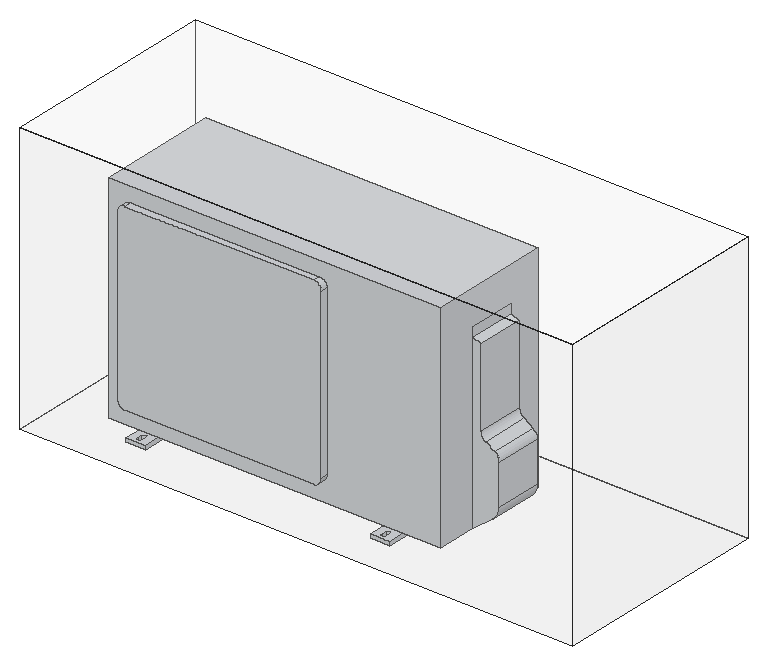
Revit family "mucz-g22_5625_50hz", category 機械設備, Revit 2019
Family settings
  丸型コネクタ寸法 = 直径を使用
  パーツ タイプ = 標準
  OmniClass 番号 = 23.75.10.24.21.27.27
  OmniClass タイトル = Split System Air Conditioning Units
  作業面ベース = いいえ
  常に垂直 = はい
  ロード時にボイドで切り取り = いいえ
  共有 = いいえ
  部屋計算ポイント = いいえ
Parameters (values of type "室外機_MUCZ-G2225")
  風量 = MAX風量  # 1370.0 m³/h
  音響パワーレベル(dB) = if([運転音(強冷房)  db] > [運転音(強暖房)  db], [運転音(強冷房)  db], [運転音(強暖房)  db])  # 59
  電源種別 = ""
  電圧 = 100 V
  電動機出力_送風機 = 22 W
  電動機出力_圧縮機 = 600 W
  運転音(強暖房)  db = 59
  運転音(強冷房)  db = 59
  運転質量 = 0.00 kg
  運転方法 = "冷暖切替"
  質量 = if(製品質量 > 運転質量, 製品質量, 運転質量) * 1.2  # 22.80 kg
  負荷分類 = 1_熱源類
  説明 = "ルームエアコン(霧ヶ峰) GVシリーズ 室外ユニット"
  設計暖房能力 [instance] = 0 kW
  設計冷房能力_顕熱 [instance] = 0 kW
  設計冷房能力 [instance] = 0 kW
  設置方法 = "床置形"
  記号 [instance] = ""
  製造元 = "三菱電機株式会社"
  製品質量 = 19.00 kg
  製品出荷対象 = "国内"
  製品リリース年月 = "-"
  製品グループ = ""
  系統 [instance] = ""
  符号 = "ACR"
  積算_科目 = "1 空気調和設備"
  積算_拾い区分 [instance] = ""
  相 = 1
  盤記号 [instance] = ""
  発停方法 = "付属スイッチ"
  特殊仕様 [instance] = ""
  法定耐用年数 = "6"
  構成品番 = ""
  極数 = 1
  材質 = ""
  本体マテリアル = none
  最大電流値 = 0 A
  暖房能力 = 2.2 kW
  暖房 風量 = 1265.0 m³/h
  推奨ブレーカー容量 = 0 A
  形式 = "パッケージ形 屋外機"
  形名 = MUCZ-G22* : MUCZ-G22*
  幹線記号 = ""
  始動方式 = "直入"
  呼称 = "パッケージ形空気調和機_室外機"
  周波数 = 50 Hz
  冷房 風量 = 1370.0 m³/h
  冷媒　位置Z = 128.5 mm
  冷媒　位置Y = 136 mm
  冷媒　位置X = 361.5 mm
  価格 = 0
  参照している仕様書等のバージョン = "公共建築物標準仕様書（機械設備工事編）平成31年度版"
  分類コード = "50053004206100"
  分類グループ = ""
  冷房能力 = 2.2 kW
  冷媒管径符号 = "Ab"
  冷媒管径 = 100.00 mm
  冷媒液管径 = 6.35 mm
  冷媒ガス管径 = 9.52 mm
  企業コード = "108420"
  付属品 = ""
  仕様書バージョン = "Version1.0"
  モデル = "MUCZ-G2225"
  ドレン穴径 = 42.00 mm
  ドレン　位置Z = 23.5 mm
  ドレン　位置Y = 44 mm
  ドレン　位置X = 0 mm
  サービススペース = yes
  コメント [instance] = ""
  ケーブル種類1 = ""
  【値が 0 の項目は組合せ形名にてご確認ください】 = ""
  Width = 679 mm
  Version = ""
  Uniclass2015Version = "Systems v1.9"
  Uniclass2015Title = "Split coil remote air cooled condensing units"
  Uniclass2015Code = "Pr_70_65_03_84"
  URL = "https://www.mitsubishielectric.co.jp/ldg/wink/"
  SpecificationReference = ""
  SpecificationDescription = ""
  Revision = ""
  ProductInformation = ""
  OmniClassCode = "23-33 17 13 11"
  MAX風量 = if(冷房 風量 > 暖房 風量, 冷房 風量, 暖房 風量)  # 1370.0 m³/h
  IfcTypeProduct = ""
  IfcProduct = ""
  IfcExportType = "AIRCONDITIONINGUNIT"
  IfcExportAs = "IfcUnitaryEquipmentType"
  Height = 453 mm
  Depth = 249 mm
  Clearance Top = 100 mm
  Clearance Right = 350 mm
  Clearance Left = 100 mm
  Clearance Front = 100 mm
  Clearance Bottom = 0 mm
  Clearance Back = 100 mm
  COP_暖房 = 4.68
  COP_冷房 = 3.36
  COP = (COP_冷房 + COP_暖房) / 2  # 4.02
  Author = "三菱電機株式会社"
  APF = 0
Types (19, lengths in mm): name | 風量 | 音響パワーレベル(dB) | 電圧 | 電動機出力_送風機 | 電動機出力_圧縮機 | 運転音(強暖房)  db | 運転音(強冷房)  db | 質量 | 製品質量 | 暖房能力 | 暖房 風量 | 形名 | 冷房 風量 | 冷媒　位置Z | 冷媒　位置Y | 冷媒　位置X | 冷房能力 | モデル | ドレン穴径 | ドレン　位置Z | ドレン　位置Y | Width | MAX風量 | Height | Depth | Clearance Front | COP_暖房 | COP_冷房 | COP
  (no name) | 1370.0 m³/h | 59 | 100 V | 22 W | 600 W | 59 | 59 | 22.80 kg | 19.00 kg | 2.2 kW | 1265.0 m³/h | MUCZ-G22* : MUCZ-G22* | 1370.0 m³/h | 128.5 | 136 | 361.5 | 2.2 kW | "MUCZ-G2225" | 42.00 | 23.5 | 44 | 679 | 1370.0 m³/h | 453 | 249 | 100 | 4.68 | 3.36 | 4.02
  室外機_MUCZ-G2225 | 1370.0 m³/h | 59 | 100 V | 22 W | 600 W | 59 | 59 | 22.80 kg | 19.00 kg | 2.2 kW | 1265.0 m³/h | MUCZ-G22* : MUCZ-G22* | 1370.0 m³/h | 128.5 | 136 | 361.5 | 2.2 kW | "MUCZ-G2225" | 42.00 | 23.5 | 44 | 679 | 1370.0 m³/h | 453 | 249 | 100 | 4.68 | 3.36 | 4.02
  室外機_MUCZ-G2525 | 1690.0 m³/h | 61 | 100 V | 22 W | 650 W | 60 | 61 | 22.80 kg | 19.00 kg | 2.8 kW | 1490.0 m³/h | MUCZ-G25_28* : MUCZ-G25_28* | 1690.0 m³/h | 128.5 | 136 | 361.5 | 2.5 kW | "MUCZ-G2525" | 42.00 | 23.5 | 44 | 679 | 1690.0 m³/h | 453 | 249 | 100 | 4.48 | 3.36 | 3.92
  室外機_MUCZ-G2825 | 1710.0 m³/h | 65 | 100 V | 22 W | 750 W | 65 | 62 | 24.00 kg | 20.00 kg | 3.6 kW | 1600.0 m³/h | MUCZ-G25_28* : MUCZ-G25_28* | 1710.0 m³/h | 128.5 | 136 | 361.5 | 2.8 kW | "MUCZ-G2825" | 42.00 | 23.5 | 44 | 679 | 1710.0 m³/h | 453 | 249 | 100 | 3.96 | 3.5 | 3.73
  室外機_MUCZ-G3625 | 2110.0 m³/h | 64 | 100 V | 22 W | 950 W | 64 | 61 | 27.60 kg | 23.00 kg | 4.2 kW | 2015.0 m³/h | MUCZ-G36* : MUCZ-G36* | 2110.0 m³/h | 130.5 | 121 | 371.5 | 3.6 kW | "MUCZ-G3625" | 33.00 | 23.5 | 42 | 699 | 2110.0 m³/h | 538 | 249 | 100 | 3.46 | 2.54 | 3
  室外機_MUCZ-G4025S | 2280.0 m³/h | 64 | 200 V | 50 W | 1100 W | 64 | 61 | 33.60 kg | 28.00 kg | 5 kW | 2280.0 m³/h | MUCZ-G40_56*S : MUCZ-G40_56*S | 2280.0 m³/h | 132.5 | 171 | 429 | 4 kW | "MUCZ-G4025S" | 42.00 | 45 | 44 | 800 | 2280.0 m³/h | 550 | 285 | 200 | 3.38 | 2.41 | 2.895
  室外機_MUCZ-G5625S | 2135.0 m³/h | 68 | 200 V | 50 W | 1500 W | 68 | 65 | 40.80 kg | 34.00 kg | 6.7 kW | 2135.0 m³/h | MUCZ-G40_56*S : MUCZ-G40_56*S | 2040.0 m³/h | 132.5 | 171 | 429 | 5.6 kW | "MUCZ-G5625S" | 42.00 | 45 | 44 | 800 | 2135.0 m³/h | 550 | 285 | 200 | 3.38 | 2.35 | 2.865
  室外機_MUCZ-G2225E | 1370.0 m³/h | 59 | 100 V | 22 W | 600 W | 59 | 59 | 22.80 kg | 19.00 kg | 2.2 kW | 1265.0 m³/h | MUCZ-G22* : MUCZ-G22* | 1370.0 m³/h | 128.5 | 136 | 361.5 | 2.2 kW | "MUCZ-G2225E" | 42.00 | 23.5 | 44 | 679 | 1370.0 m³/h | 453 | 249 | 100 | 4.68 | 3.36 | 4.02
  室外機_MUCZ-G2225EE | 1370.0 m³/h | 59 | 100 V | 22 W | 600 W | 59 | 59 | 22.80 kg | 19.00 kg | 2.2 kW | 1265.0 m³/h | MUCZ-G22* : MUCZ-G22* | 1370.0 m³/h | 128.5 | 136 | 361.5 | 2.2 kW | "MUCZ-G2225EE" | 42.00 | 23.5 | 44 | 679 | 1370.0 m³/h | 453 | 249 | 100 | 4.68 | 3.36 | 4.02
  室外機_MUCZ-G2525E | 1690.0 m³/h | 61 | 100 V | 22 W | 650 W | 60 | 61 | 22.80 kg | 19.00 kg | 2.8 kW | 1490.0 m³/h | MUCZ-G25_28* : MUCZ-G25_28* | 1690.0 m³/h | 128.5 | 136 | 361.5 | 2.5 kW | "MUCZ-G2525E" | 42.00 | 23.5 | 44 | 679 | 1690.0 m³/h | 453 | 249 | 100 | 4.48 | 3.36 | 3.92
  室外機_MUCZ-G2525EE | 1690.0 m³/h | 61 | 100 V | 22 W | 650 W | 60 | 61 | 22.80 kg | 19.00 kg | 2.8 kW | 1490.0 m³/h | MUCZ-G25_28* : MUCZ-G25_28* | 1690.0 m³/h | 128.5 | 136 | 361.5 | 2.5 kW | "MUCZ-G2525EE" | 42.00 | 23.5 | 44 | 679 | 1690.0 m³/h | 453 | 249 | 100 | 4.48 | 3.36 | 3.92
  室外機_MUCZ-G2825E | 1710.0 m³/h | 65 | 100 V | 22 W | 750 W | 65 | 62 | 24.00 kg | 20.00 kg | 3.6 kW | 1600.0 m³/h | MUCZ-G25_28* : MUCZ-G25_28* | 1710.0 m³/h | 128.5 | 136 | 361.5 | 2.8 kW | "MUCZ-G2825E" | 42.00 | 23.5 | 44 | 679 | 1710.0 m³/h | 453 | 249 | 100 | 3.96 | 3.5 | 3.73
  室外機_MUCZ-G2825EE | 1710.0 m³/h | 65 | 100 V | 22 W | 750 W | 65 | 62 | 24.00 kg | 20.00 kg | 3.6 kW | 1600.0 m³/h | MUCZ-G25_28* : MUCZ-G25_28* | 1710.0 m³/h | 128.5 | 136 | 361.5 | 2.8 kW | "MUCZ-G2825EE" | 42.00 | 23.5 | 44 | 679 | 1710.0 m³/h | 453 | 249 | 100 | 3.96 | 3.5 | 3.73
  室外機_MUCZ-G3625E | 2110.0 m³/h | 64 | 100 V | 22 W | 950 W | 64 | 61 | 27.60 kg | 23.00 kg | 4.2 kW | 2015.0 m³/h | MUCZ-G36* : MUCZ-G36* | 2110.0 m³/h | 130.5 | 121 | 371.5 | 3.6 kW | "MUCZ-G3625E" | 33.00 | 23.5 | 42 | 699 | 2110.0 m³/h | 538 | 249 | 100 | 3.46 | 2.54 | 3
  室外機_MUCZ-G3625EE | 2110.0 m³/h | 64 | 100 V | 22 W | 950 W | 64 | 61 | 27.60 kg | 23.00 kg | 4.2 kW | 2015.0 m³/h | MUCZ-G36* : MUCZ-G36* | 2110.0 m³/h | 130.5 | 121 | 371.5 | 3.6 kW | "MUCZ-G3625EE" | 33.00 | 23.5 | 42 | 699 | 2110.0 m³/h | 538 | 249 | 100 | 3.46 | 2.54 | 3
  室外機_MUCZ-G4025SE | 2280.0 m³/h | 64 | 200 V | 50 W | 1100 W | 64 | 61 | 33.60 kg | 28.00 kg | 5 kW | 2280.0 m³/h | MUCZ-G40_56*S : MUCZ-G40_56*S | 2280.0 m³/h | 132.5 | 171 | 429 | 4 kW | "MUCZ-G4025SE" | 42.00 | 45 | 44 | 800 | 2280.0 m³/h | 550 | 285 | 200 | 3.38 | 2.41 | 2.895
  室外機_MUCZ-G4025SEE | 2280.0 m³/h | 64 | 200 V | 50 W | 1100 W | 64 | 61 | 33.60 kg | 28.00 kg | 5 kW | 2280.0 m³/h | MUCZ-G40_56*S : MUCZ-G40_56*S | 2280.0 m³/h | 132.5 | 171 | 429 | 4 kW | "MUCZ-G4025SEE" | 42.00 | 45 | 44 | 800 | 2280.0 m³/h | 550 | 285 | 200 | 3.38 | 2.41 | 2.895
  室外機_MUCZ-G5625SE | 2135.0 m³/h | 68 | 200 V | 50 W | 1500 W | 68 | 65 | 40.80 kg | 34.00 kg | 6.7 kW | 2135.0 m³/h | MUCZ-G40_56*S : MUCZ-G40_56*S | 2040.0 m³/h | 132.5 | 171 | 429 | 5.6 kW | "MUCZ-G5625SE" | 42.00 | 45 | 44 | 800 | 2135.0 m³/h | 550 | 285 | 200 | 3.38 | 2.35 | 2.865
  室外機_MUCZ-G5625SEE | 2135.0 m³/h | 68 | 200 V | 50 W | 1500 W | 68 | 65 | 40.80 kg | 34.00 kg | 6.7 kW | 2135.0 m³/h | MUCZ-G40_56*S : MUCZ-G40_56*S | 2040.0 m³/h | 132.5 | 171 | 429 | 5.6 kW | "MUCZ-G5625SEE" | 42.00 | 45 | 44 | 800 | 2135.0 m³/h | 550 | 285 | 200 | 3.38 | 2.35 | 2.865
Reference planes
  plane 1 "中心(正面/背面)": y = 74
  plane 2: z = 0
  plane 3 "中心(左/右)": x = 830
  plane 4 "右": x = 1169.5
  plane 5 "左": x = 490.5
  plane 6 "背面": y = 198.5
  plane 7 "正面": y = -50.5
  plane 8 "上部": z = 453
  plane 9 "Clearanse Top": z = 553
  plane 10 "SS_back": y = 298.5
  plane 11 "SS_front": y = -150.5
  plane 12 "SS_left": x = 390.5
  plane 13 "SS_right": x = 1519.5
  plane 14: z = 0
  plane 15: z = 23.5
  plane 16: z = 24.5
  plane 17: y = 154.5
  plane 18: y = 62.5
  plane 19: z = 128.5
  plane 20: x = 1191.5
  plane 21: z = 50
  plane 22: x = 1168.5
  plane 23: x = 1167.5
  plane 24: y = 63.5
Forms (mm)
  Extrusion 1, solid, material <- "本体マテリアル", detail levels fine
    sketch origin (-1437.329, -1524, 54) x (-1, 0, 0) y (0, -1, 0)
      loop
        circle (-2267.329, -1678.5) r 21
    from -30.5 to -29.5
  Extrusion 2, solid, material <- "本体マテリアル", detail levels fine
    sketch origin (1169.5, 0, 0) x (0, 1, 0) y (0, 0, 1)
      loop
        circle (154.5, 50) r 10
    from -1 to -2
  Extrusion 3, solid, material <- "本体マテリアル", detail levels fine
    sketch origin (0, -50.5, 0) x (1, 0, 0) y (0, 0, 1)
      loop
        circle (1191.5, 128.5) r 25
    from -114 to -113
Dimensions and locks
  equal spacing: plane 7 "正面", plane 1 "中心(正面/背面)", plane 6 "背面"
  "Depth": plane 7 "正面" to plane 6 "背面"
  "Width": plane 5 "左" to plane 4 "右"
  equal spacing: plane 5 "左", plane 3 "中心(左/右)", plane 4 "右"
  "Clearance Left": plane 12 "SS_left" to plane 5 "左"
  "Clearance Right": plane 4 "右" to plane 13 "SS_right"
  "Clearance Back": plane 6 "背面" to plane 10 "SS_back"
  "Clearance Front": plane 11 "SS_front" to plane 7 "正面"
  "Height": plane 8 "上部" to level
  "Clearance Top": plane 9 "Clearanse Top" to plane 8 "上部"
  "Clearance Bottom": level to plane 14
  "ドレン　位置Z": plane 15 to level
  locked: plane 16 to plane 15 at 1
  "冷媒　位置Z": plane 19 to level
  "冷媒　位置X": plane 3 "中心(左/右)" to plane 20
  locked: plane 22 to plane 4 "右" at 1
  plane 21 to level = 50 mm
  locked: plane 23 to plane 22 at 1
  "冷媒　位置Y": plane 18 to plane 6 "背面"
  "ドレン　位置Y": plane 17 to plane 6 "背面"
  locked: plane 18 to plane 24 at 1
  "ドレン穴径": diameter of Extrusion 1 sketch curve
  diameter of Extrusion 3 sketch curve = 50 mm
  aligned and locked: level to plane 2
  aligned and locked: plane 10 "SS_back" to nested 1  (x2)
  aligned and locked: plane 13 "SS_right" to nested 1
  aligned and locked: plane 12 "SS_left" to nested 1  (x2)
  aligned and locked: nested 1 to plane 13 "SS_right"
  aligned and locked: plane 11 "SS_front" to nested 1
  aligned and locked: plane 9 "Clearanse Top" to nested 1
  aligned and locked: plane 1 "中心(正面/背面)" to nested 2
  aligned and locked: plane 3 "中心(左/右)" to nested 2
  aligned and locked: plane 14 to nested 1
  aligned and locked: Extrusion 1 to plane 15
  aligned and locked: plane 16 to Extrusion 1
  aligned and locked: plane 17 to Extrusion 1 sketch curve
  aligned and locked: plane 3 "中心(左/右)" to Extrusion 1 sketch curve
  aligned and locked: plane 21 to Extrusion 2 sketch curve
  aligned and locked: plane 17 to Extrusion 2 sketch curve
  aligned and locked: Extrusion 2 to plane 22
  aligned and locked: Extrusion 2 to plane 23
  aligned and locked: plane 19 to Extrusion 3 sketch curve
  aligned and locked: plane 20 to Extrusion 3 sketch curve
  aligned and locked: plane 18 to Extrusion 3
  aligned and locked: Extrusion 3 to plane 24
Automatic sketch dimensions
  radius of Extrusion 2 sketch curve = 10 mm
Nested families
  nested 1: "サービススペース_MUCZ-G25-5623" at (955, 74, 276.5), visible <- "サービススペース", type "サービススペース_MUCZ-G25-5623"
    with Width 1129 mm, Height 553 mm, Depth 449 mm
  nested 2: "MUCZ-G22*" at (830, 74, 0), type <- "形名", マテリアル <- "本体マテリアル", type "MUCZ-G22*"
    with 表示 yes, マテリアル none, ボルトピッチ Y 260 mm, ボルトピッチ X 500 mm, W 679 mm, H 453 mm, D 249 mm
Connectors
  electrical at (1168.5, 154.5, 50), driven by "極数", driven by "負荷分類", driven by "電圧"
    settings: on Extrusion 2, index 1, voltage 100 V, apparent load 655 VA, apparent load phase1 655 VA, apparent load phase2 0 VA, apparent load phase3 0 VA, power factor 1, load classification "1_熱源類", number of poles 1, system type 30, power factor state 1, is connector primary yes, connector utility no, sub classification motor no, connector description ""
  piping at (830, 154.5, 23.5), diameter 42, driven by "ドレン穴径"
    settings: on Extrusion 1, index 3, connector inside diameter 609.60 mm, connector length 0 mm, flow factor 0, pipe flow 0.0 L/s, pressure drop 0.0 Pa, fitting loss kfactor 0, connector angle 0.00°, fixture units 0, engagement length 0 mm, angle of deflection 0.00°, flow configuration 1, flow direction 2, fitting loss method 4, system type 16, joint type 0, gender type 0, connector reference index -1, connector utility 0, adjustable connector no, is connector primary yes, connector description ""
  piping at (1191.5, 63.5, 128.5), diameter 100, driven by "冷媒管径", driven by "冷媒管径符号"
    settings: on Extrusion 3, index 4, connector inside diameter 609.60 mm, connector length 0 mm, flow factor 0, pipe flow 0.0 L/s, pressure drop 0.0 Pa, fitting loss kfactor 0, connector angle 0.00°, fixture units 0, engagement length 0 mm, angle of deflection 0.00°, flow configuration 1, flow direction 2, fitting loss method 4, system type 7, joint type 0, gender type 0, connector reference index -1, connector utility 0, adjustable connector no, is connector primary no, connector description "Ab"
Definition of nested family "サービススペース_MUCZ-G25-5623"
  Parameters (values of type "サービススペース")
    Width [instance] = 500 mm
    Height [instance] = 500 mm
    Depth [instance] = 500 mm
  Reference planes
    plane 1 "中心(正面/背面)": y = 0
    plane 2: z = 0
    plane 3 "中心(左/右)": x = 0
    plane 4: y = -250
    plane 5: x = 250
    plane 6: y = 250
    plane 7: x = -250
    plane 8: z = 250
    plane 9: z = -250
  Forms (mm)
    Extrusion 1, solid
      sketch origin (-638.939, 0, 72.39) x (1, 0, 0) y (0, 1, 0)
        loop
          line (388.939, 250) -> (388.939, -250) -> (888.939, -250) -> (888.939, 250) -> (388.939, 250)
      from -322.39 to 177.61
  Lines and regions (mm)
    symbolic lines
      curve 1: line (-250, 0, 250) -> (250, 0, 250)
      curve 2: line (-250, 0, -250) -> (-250, 0, 250)
      curve 3: line (250, 0, -250) -> (-250, 0, -250)
      curve 4: line (250, 0, 250) -> (250, 0, -250)
      curve 5: line (0, -250, 250) -> (0, 250, 250)
      curve 6: line (0, -250, -250) -> (0, -250, 250)
      curve 7: line (0, 250, -250) -> (0, -250, -250)
      curve 8: line (0, 250, 250) -> (0, 250, -250)
      curve 9: line (-250, 250, 0) -> (250, 250, 0)
      curve 10: line (-250, -250, 0) -> (-250, 250, 0)
      curve 11: line (250, -250, 0) -> (-250, -250, 0)
      curve 12: line (250, 250, 0) -> (250, -250, 0)
  Dimensions and locks
    equal spacing: plane 7, plane 3 "中心(左/右)", plane 5
    equal spacing: plane 4, plane 1 "中心(正面/背面)", plane 6
    "Depth": plane 4 to plane 6
    "Width": plane 7 to plane 5
    equal spacing: plane 8, plane 2, plane 9
    "Height": plane 8 to plane 9
    aligned and locked: plane 9 to curve 3
    aligned and locked: plane 7 to curve 2
    aligned and locked: curve 4 to plane 5
    aligned and locked: plane 5 to Extrusion 1
    aligned and locked: Extrusion 1 to plane 7
    aligned and locked: Extrusion 1 to plane 9
    aligned and locked: plane 8 to Extrusion 1
    aligned and locked: plane 9 to curve 7
  Automatic sketch dimensions
    plane 4 to Extrusion 1 sketch curve = 0 mm
    Extrusion 1 sketch curve to plane 7 = 0 mm
    Extrusion 1 sketch curve to plane 5 = 0 mm
    plane 6 to Extrusion 1 sketch curve = 0 mm
    curve 2 to plane 8 = 0 mm
    plane 4 to curve 11 = 0 mm
    curve 11 to plane 7 = 0 mm
    curve 11 to plane 5 = 0 mm
    plane 6 to curve 10 = 0 mm
    curve 7 to plane 4 = 0 mm
    curve 7 to plane 6 = 0 mm
    curve 6 to plane 8 = 0 mm
Definition of nested family "MUCZ-G22*"
  Parameters (values of type "MUCZ-G2223")
    ボルトピッチ Y [instance] = 260 mm  # constant formula
    ボルトピッチ X [instance] = 500 mm  # constant formula
    H [instance] = 453 mm  # constant formula
    D [instance] = 249 mm  # constant formula
    マテリアル [instance] = none
    表示 [instance] = yes
    W [instance] = 679 mm  # constant formula
  Reference planes
    plane 1 "中心(正面/背面)": y = 0
    plane 2: z = 0
    plane 3 "中心(左/右)": x = 0
    plane 4: z = 453
    plane 5: x = -339.5
    plane 6: x = 339.5
    plane 7: y = 124.5
    plane 8: y = -124.5
    plane 9: x = 361.5
    plane 10: x = -263.5
    plane 11: y = 135.5
    plane 12: y = -149.5
    plane 13: y = -134.5
  Forms (mm)
    Extrusion 1, solid, material <- "マテリアル", visible <- "表示", detail levels fine
      sketch origin (-1437.329, -1524, 453) x (-1, 0, 0) y (0, -1, 0)
        loop
          line (-1153.829, -1635) -> (-1153.829, -1409.5) -> (-1193.829, -1409.5) -> (-1193.829, -1635) -> (-1153.829, -1635)
        loop
          line (-1653.829, -1635) -> (-1653.829, -1409.5) -> (-1693.829, -1409.5) -> (-1693.829, -1635) -> (-1653.829, -1635)
      from -453 to -439.5
    Extrusion 2, solid, material <- "マテリアル", visible <- "表示", detail levels fine
      sketch origin (-1437.329, -1524, 453) x (-1, 0, 0) y (0, -1, 0)
        loop
          line (-1776.829, -1628.5) -> (-1097.829, -1628.5) -> (-1097.829, -1399.5) -> (-1776.829, -1399.5) -> (-1776.829, -1628.5)
      from -429.5 to 0
    Blend 3, solid, material <- "マテリアル", visible <- "表示", detail levels fine
      base sketch origin (0, 0, 0) x (0, 1, 0) y (0, 0, 1)
        loop
          line (21.3, 444.8) -> (-68.7, 444.8) -> (-68.7, 438) -> (21.3, 438) -> (21.3, 444.8)
      top sketch origin (0, 0, 0) x (0, 1, 0) y (0, 0, 1)
        loop
          line (8.8, 440) -> (-56.2, 440) -> (-56.2, 438) -> (8.8, 438) -> (8.8, 440)
      from -339.5 to -352.5
    Extrusion 4, solid, material <- "マテリアル", visible <- "表示", detail levels fine
      sketch origin (0, 0, 0) x (1, 0, 0) y (0, 0, 1)
        loop
          line (339.5, 383.5) -> (339.5, 13.5) -> (382.554, 45.944)
          arc (382.554, 45.944) -> (391.348, 56.517) -> (394.5, 69.903) r 30
          line (394.5, 69.903) -> (394.5, 152.957)
          arc (394.5, 152.957) -> (392.192, 162.284) -> (385.802, 169.458) r 20
          line (385.802, 169.458) -> (366.698, 182.542)
          arc (366.698, 182.542) -> (360.308, 189.716) -> (358, 199.043) r 20
          line (358, 199.043) -> (358, 357.5) -> (341, 365.1) -> (341, 383.5) -> (339.5, 383.5)
      from -53.5 to 43.5
    Extrusion 5, solid, material <- "マテリアル", visible <- "表示", detail levels fine
      sketch origin (-1437.329, -1524, 453) x (-1, 0, 0) y (0, -1, 0)
        loop
          line (-1153.829, -1659.5) -> (-1153.829, -1635) -> (-1193.829, -1635) -> (-1193.829, -1659.5) -> (-1178.829, -1659.5) -> (-1178.829, -1642.5)
          arc (-1178.829, -1642.5) -> (-1173.829, -1637.5) -> (-1168.829, -1642.5) r 5
          line (-1168.829, -1642.5) -> (-1168.829, -1659.5) -> (-1153.829, -1659.5)
        loop
          line (-1653.829, -1659.5) -> (-1653.829, -1635) -> (-1693.829, -1635) -> (-1693.829, -1659.5) -> (-1678.829, -1659.5) -> (-1678.829, -1642.5)
          arc (-1678.829, -1642.5) -> (-1673.829, -1637.5) -> (-1668.829, -1642.5) r 5
          line (-1668.829, -1642.5) -> (-1668.829, -1659.5) -> (-1653.829, -1659.5)
        loop
          line (-1653.829, -1409.5) -> (-1653.829, -1374.5) -> (-1693.829, -1374.5) -> (-1693.829, -1409.5) -> (-1653.829, -1409.5)
        loop
          line (-1153.829, -1409.5) -> (-1153.829, -1374.5) -> (-1193.829, -1374.5) -> (-1193.829, -1409.5) -> (-1153.829, -1409.5)
        loop
          arc (-1678.829, -1393.5) -> (-1673.829, -1398.5) -> (-1668.829, -1393.5) r 5
          line (-1668.829, -1393.5) -> (-1668.829, -1384.5)
          arc (-1668.829, -1384.5) -> (-1673.829, -1379.5) -> (-1678.829, -1384.5) r 5
          line (-1678.829, -1384.5) -> (-1678.829, -1393.5)
        loop
          line (-1168.829, -1394.915) -> (-1168.829, -1385.906)
          arc (-1168.829, -1385.906) -> (-1173.879, -1380.856) -> (-1178.928, -1385.906) r 5.05
          line (-1178.928, -1385.906) -> (-1178.928, -1394.915)
          arc (-1178.928, -1394.915) -> (-1173.879, -1399.965) -> (-1168.829, -1394.915) r 5.05
      from -446 to -453
    Extrusion 6, solid, material <- "マテリアル", visible <- "表示", detail levels fine
      sketch origin (1480.036, -173.2, 1200) x (1, 0, 0) y (0, 0, 1)
        loop
          line (-1788.036, -791.7) -> (-1788.036, -1134.7)
          arc (-1788.036, -1134.7) -> (-1783.643, -1145.307) -> (-1773.036, -1149.7) r 15
          line (-1773.036, -1149.7) -> (-1388.036, -1149.7)
          arc (-1388.036, -1149.7) -> (-1377.43, -1145.307) -> (-1373.036, -1134.7) r 15
          line (-1373.036, -1134.7) -> (-1373.036, -791.7)
          arc (-1373.036, -791.7) -> (-1377.43, -781.093) -> (-1388.036, -776.7) r 15
          line (-1388.036, -776.7) -> (-1773.036, -776.7)
          arc (-1773.036, -776.7) -> (-1783.643, -781.093) -> (-1788.036, -791.7) r 15
      from -48.7 to -33.7
    Sweep 7, solid, visible <- "表示", detail levels fine
      path in 3D
        loop
          line (361.5, -11.5, 156) -> (361.5, 7.568, 172)
      profile origin (361.5, -1.966, 164) x (0, -0.642788, 0.766044) y (1, 0, 0)
        loop
          circle (0, 0) r 6.35
    Sweep 8, solid, visible <- "表示", detail levels fine
      path in 3D
        loop
          line (361.5, -11.5, 101) -> (361.5, 6.73, 118)
      profile origin (361.5, -2.385, 109.5) x (0, -0.681998, 0.731354) y (1, 0, 0)
        loop
          circle (0, 0) r 9.52
    Extrusion 9, solid, material <- "マテリアル", visible <- "表示", detail levels fine
      sketch origin (1480.036, -173.2, 1200) x (1, 0, 0) y (0, 0, 1)
        loop
          line (-1819.536, -747) -> (-1819.536, -1186.5) -> (-1140.536, -1186.5) -> (-1140.536, -747) -> (-1819.536, -747)
        loop
          line (-1255.536, -771) -> (-1779.536, -771) -> (-1779.536, -1154) -> (-1255.536, -1154) -> (-1255.536, -771)
      from -297.7 to -277.7
    Extrusion 10, solid, material <- "マテリアル", visible <- "表示", detail levels fine
      sketch origin (0, 0, 0) x (1, 0, 0) y (0, 1, 0)
        loop
          line (-339.5, 104.5) -> (-339.5, -124.5) -> (339.5, -124.5) -> (339.5, 104.5) -> (-339.5, 104.5)
        loop
          circle (0, 80.5) r 21
      from 13.5 to 23.5
  Cuts and joins
    joined: Extrusion 1, Extrusion 5
    joined: Extrusion 2, Extrusion 9, Extrusion 10
  Lines and regions (mm)
    Masking region 1, visible <- "表示", detail levels coarse+medium
      outline origin (-1437.329, -1524, 453) x (-1, 0, 0) y (0, -1, 0)
        loop
          line (-1776.829, -1399.5) -> (-1776.829, -1648.5) -> (-1097.829, -1648.5) -> (-1097.829, -1399.5) -> (-1776.829, -1399.5)
    model lines, visible <- "表示", detail levels fine
      curve 1: line (-319, -98.5, 453) -> (319, -98.5, 453)
      curve 2: line (-319, -83.5, 453) -> (319, -83.5, 453)
      curve 3: line (-319, -83.5, 453) -> (-319, -98.5, 453)
      curve 4: line (319, -98.5, 453) -> (319, -83.5, 453)
      curve 5: line (-319, -65.5, 453) -> (319, -65.5, 453)
      curve 6: line (-319, -50.5, 453) -> (319, -50.5, 453)
      curve 7: line (-319, -50.5, 453) -> (-319, -65.5, 453)
      curve 8: line (319, -65.5, 453) -> (319, -50.5, 453)
      curve 9: line (-319, -32.5, 453) -> (319, -32.5, 453)
      curve 10: line (-319, -17.5, 453) -> (319, -17.5, 453)
      curve 11: line (-319, -17.5, 453) -> (-319, -32.5, 453)
      curve 12: line (319, -32.5, 453) -> (319, -17.5, 453)
      curve 13: line (-319, 0.5, 453) -> (319, 0.5, 453)
      curve 14: line (-319, 15.5, 453) -> (319, 15.5, 453)
      curve 15: line (-319, 15.5, 453) -> (-319, 0.5, 453)
      curve 16: line (319, 0.5, 453) -> (319, 15.5, 453)
      curve 17: line (-319, 69, 453) -> (319, 69, 453)
      curve 18: line (-319, 84, 453) -> (319, 84, 453)
      curve 19: line (-319, 84, 453) -> (-319, 69, 453)
      curve 20: line (319, 69, 453) -> (319, 84, 453)
      curve 21: line (-308, -139.5, 78.3) -> (107, -139.5, 78.3)
      curve 22: line (-308, -139.5, 176.3) -> (107, -139.5, 176.3)
      curve 23: line (107, -139.5, 395.3) -> (-308, -139.5, 395.3)
      curve 24: line (107, -139.5, 372.3) -> (-308, -139.5, 372.3)
      curve 25: line (107, -139.5, 274.3) -> (-308, -139.5, 274.3)
      curve 26: line (-100.5, -139.5, 423.3) -> (-100.5, -139.5, 50.3)
      curve 27: circle (-100.5, -139.5, 236.8) r 186 normal (0, -1, 0)
      curve 28: arc (-213, -139.5, 423.529) -> (-271.36, -139.5, 372.191) -> (-308, -139.5, 303.641) r 218
      curve 29: arc (-308, -139.5, 169.959) -> (-271.36, -139.5, 101.409) -> (-213, -139.5, 50.071) r 218
      curve 30: arc (12, -139.5, 50.071) -> (70.36, -139.5, 101.409) -> (107, -139.5, 169.959) r 218
      curve 31: arc (107, -139.5, 303.641) -> (70.36, -139.5, 372.191) -> (12, -139.5, 423.529) r 218
      curve 32: line (-108, -139.5, 50.3) -> (-108, -139.5, 423.3)
      curve 33: line (-115.5, -139.5, 50.3) -> (-115.5, -139.5, 423.3)
      curve 34: line (-123, -139.5, 50.3) -> (-123, -139.5, 423.3)
      curve 35: line (-130.5, -139.5, 50.3) -> (-130.5, -139.5, 423.3)
      curve 36: line (-138, -139.5, 50.3) -> (-138, -139.5, 423.3)
      curve 37: line (-145.5, -139.5, 50.3) -> (-145.5, -139.5, 423.3)
      curve 38: line (-153, -139.5, 50.3) -> (-153, -139.5, 423.3)
      curve 39: line (-160.5, -139.5, 50.3) -> (-160.5, -139.5, 423.3)
      curve 40: line (-168, -139.5, 50.3) -> (-168, -139.5, 423.3)
      curve 41: line (-175.5, -139.5, 50.3) -> (-175.5, -139.5, 423.3)
      curve 42: line (-183, -139.5, 50.3) -> (-183, -139.5, 423.3)
      curve 43: line (-190.5, -139.5, 50.3) -> (-190.5, -139.5, 423.3)
      curve 44: line (-198, -139.5, 50.3) -> (-198, -139.5, 423.3)
      curve 45: line (-205.5, -139.5, 50.3) -> (-205.5, -139.5, 423.3)
      curve 46: line (-213, -139.5, 50.071) -> (-213, -139.5, 423.529)
      curve 47: line (-220.5, -139.5, 50.071) -> (-220.5, -139.5, 423.529)
      curve 48: line (-228, -139.5, 50.071) -> (-228, -139.5, 423.529)
      curve 49: line (-235.5, -139.5, 50.071) -> (-235.5, -139.5, 423.529)
      curve 50: line (-243, -139.5, 50.071) -> (-243, -139.5, 423.529)
      curve 51: line (-250.5, -139.5, 50.071) -> (-250.5, -139.5, 423.529)
      curve 52: line (-258, -139.5, 50.071) -> (-258, -139.5, 423.529)
      curve 53: line (-265.5, -139.5, 50.071) -> (-265.5, -139.5, 423.529)
      curve 54: line (-273, -139.5, 50.071) -> (-273, -139.5, 423.529)
      curve 55: line (-280.5, -139.5, 50.071) -> (-280.5, -139.5, 423.529)
      curve 56: line (-288, -139.5, 50.071) -> (-288, -139.5, 423.529)
      curve 57: line (-295.5, -139.5, 78.3) -> (-295.5, -139.5, 395.3)
      curve 58: line (-303, -139.5, 78.3) -> (-303, -139.5, 395.3)
      curve 59: line (-93, -139.5, 50.3) -> (-93, -139.5, 423.3)
      curve 60: line (-85.5, -139.5, 50.3) -> (-85.5, -139.5, 423.3)
      curve 61: line (-78, -139.5, 50.3) -> (-78, -139.5, 423.3)
      curve 62: line (-70.5, -139.5, 50.3) -> (-70.5, -139.5, 423.3)
      curve 63: line (-63, -139.5, 50.3) -> (-63, -139.5, 423.3)
      curve 64: line (-55.5, -139.5, 50.3) -> (-55.5, -139.5, 423.3)
      curve 65: line (-48, -139.5, 50.3) -> (-48, -139.5, 423.3)
      curve 66: line (-40.5, -139.5, 50.3) -> (-40.5, -139.5, 423.3)
      curve 67: line (-33, -139.5, 50.3) -> (-33, -139.5, 423.3)
      curve 68: line (-25.5, -139.5, 50.3) -> (-25.5, -139.5, 423.3)
      curve 69: line (-18, -139.5, 50.3) -> (-18, -139.5, 423.3)
      curve 70: line (-10.5, -139.5, 50.3) -> (-10.5, -139.5, 423.3)
      curve 71: line (-3, -139.5, 50.3) -> (-3, -139.5, 423.3)
      curve 72: line (4.5, -139.5, 50.3) -> (4.5, -139.5, 423.3)
      curve 73: line (12, -139.5, 50.071) -> (12, -139.5, 423.529)
      curve 74: line (19.5, -139.5, 50.071) -> (19.5, -139.5, 423.529)
      curve 75: line (27, -139.5, 50.071) -> (27, -139.5, 423.529)
      curve 76: line (34.5, -139.5, 50.071) -> (34.5, -139.5, 423.529)
      curve 77: line (42, -139.5, 50.071) -> (42, -139.5, 423.529)
      curve 78: line (49.5, -139.5, 50.071) -> (49.5, -139.5, 423.529)
      curve 79: line (57, -139.5, 50.071) -> (57, -139.5, 423.529)
      curve 80: line (64.5, -139.5, 50.071) -> (64.5, -139.5, 423.529)
      curve 81: line (72, -139.5, 50.071) -> (72, -139.5, 423.529)
      curve 82: line (79.5, -139.5, 50.071) -> (79.5, -139.5, 423.529)
      curve 83: line (87, -139.5, 50.071) -> (87, -139.5, 423.529)
      curve 84: line (94.5, -139.5, 78.3) -> (94.5, -139.5, 395.3)
      curve 85: line (102, -139.5, 78.3) -> (102, -139.5, 395.3)
      curve 86: line (277.5, -124.5, 100.3) -> (277.5, -124.5, 299.7)
      curve 87: line (282.5, -124.5, 299.7) -> (282.5, -124.5, 100.3)
      curve 88: line (277.5, -124.5, 100.3) -> (282.5, -124.5, 100.3)
      curve 89: line (282.5, -124.5, 299.7) -> (277.5, -124.5, 299.7)
      curve 90: line (247.5, -124.5, 100.3) -> (247.5, -124.5, 299.7)
      curve 91: line (252.5, -124.5, 299.7) -> (252.5, -124.5, 100.3)
      curve 92: line (247.5, -124.5, 100.3) -> (252.5, -124.5, 100.3)
      curve 93: line (252.5, -124.5, 299.7) -> (247.5, -124.5, 299.7)
      curve 94: line (217.5, -124.5, 100.3) -> (217.5, -124.5, 299.7)
      curve 95: line (222.5, -124.5, 299.7) -> (222.5, -124.5, 100.3)
      curve 96: line (217.5, -124.5, 100.3) -> (222.5, -124.5, 100.3)
      curve 97: line (222.5, -124.5, 299.7) -> (217.5, -124.5, 299.7)
      curve 98: line (187.5, -124.5, 100.3) -> (187.5, -124.5, 299.7)
      curve 99: line (192.5, -124.5, 299.7) -> (192.5, -124.5, 100.3)
      curve 100: line (187.5, -124.5, 100.3) -> (192.5, -124.5, 100.3)
      curve 101: line (192.5, -124.5, 299.7) -> (187.5, -124.5, 299.7)
      curve 102: line (157.5, -124.5, 100.3) -> (157.5, -124.5, 299.7)
      curve 103: line (162.5, -124.5, 299.7) -> (162.5, -124.5, 100.3)
      curve 104: line (157.5, -124.5, 100.3) -> (162.5, -124.5, 100.3)
      curve 105: line (162.5, -124.5, 299.7) -> (157.5, -124.5, 299.7)
      curve 106: line (-339.5, -100.5, 397.224) -> (-339.5, -100.5, 45.089)
      curve 107: line (-339.5, -85.5, 397.224) -> (-339.5, -85.5, 45.089)
      curve 108: line (-339.5, 27.3, 400) -> (-339.5, 27.3, 54.3)
      curve 109: line (-339.5, 37.3, 400) -> (-339.5, 37.3, 54.3)
      curve 110: arc (-339.5, -100.5, 45.089) -> (-339.5, -93, 37.589) -> (-339.5, -85.5, 45.089) r 7.5
      curve 111: arc (-339.5, 27.3, 54.3) -> (-339.5, 32.3, 49.3) -> (-339.5, 37.3, 54.3) r 5
      curve 112: arc (-339.5, -85.5, 397.224) -> (-339.5, -93, 404.724) -> (-339.5, -100.5, 397.224) r 7.5
      curve 113: arc (-339.5, 37.3, 400) -> (-339.5, 32.3, 405) -> (-339.5, 27.3, 400) r 5
    sketch lines
      curve 114: line (361.5, -11.5, 156) -> (361.5, 7.568, 172)
      curve 115: line (361.5, -11.5, 101) -> (361.5, 6.73, 118)
    symbolic lines
      curve 116: line (-339.5, 124.5, 0) -> (339.5, 124.5, 0)
      curve 117: line (-339.5, -124.5, 0) -> (-339.5, 124.5, 0)
      curve 118: line (339.5, -124.5, 0) -> (-339.5, -124.5, 0)
      curve 119: line (339.5, 124.5, 0) -> (339.5, -124.5, 0)
  Dimensions and locks
    equal spacing: plane 8, plane 1 "中心(正面/背面)", plane 7
    "D": plane 8 to plane 7
    equal spacing: plane 5, plane 3 "中心(左/右)", plane 6
    "W": plane 5 to plane 6
    "H": plane 4 to level
    plane 7 to plane 1 "中心(正面/背面)" to plane 8 = 124.5 mm, 124.5 mm
    locked: plane 12 to plane 13 at 15
    locked: plane 12 to plane 11 at 285
    locked: plane 5 to plane 10 at 76
    aligned and locked: level to plane 2
    aligned and locked: Extrusion 1 to level
    aligned and locked: Extrusion 2 sketch curve to plane 8
    aligned and locked: Extrusion 2 sketch curve to plane 5
    aligned and locked: Extrusion 2 sketch curve to plane 6
    aligned and locked: plane 5 to Blend 3
    aligned and locked: Extrusion 4 sketch curve to plane 6
    aligned and locked: level to Extrusion 5
    aligned and locked: Extrusion 6 to plane 8
    aligned and locked: plane 4 to Extrusion 2
    aligned and locked: Extrusion 9 sketch curve to plane 5
    aligned and locked: Extrusion 9 sketch curve to plane 4
    aligned and locked: Extrusion 9 sketch curve to plane 6
    aligned and locked: Extrusion 9 to plane 7
    aligned and locked: Extrusion 10 sketch curve to plane 5
    aligned and locked: Extrusion 10 sketch curve to plane 8
    aligned and locked: Extrusion 10 sketch curve to plane 6
    aligned and locked: Extrusion 10 sketch curve to cut or joined group of Extrusion 2, Extrusion 9, Extrusion 10
    aligned and locked: plane 10 to nested 1
    aligned and locked: plane 13 to nested 1
  Automatic sketch dimensions
    plane 7 to Extrusion 1 sketch curve = 13.5 mm  (x2)
    Extrusion 1 sketch curve to plane 6 = 83 mm
    Extrusion 1 sketch curve to plane 8 = 10 mm  (x2)
    Extrusion 1 sketch curve to Extrusion 1 sketch curve = 40 mm  (x2)
    plane 5 to Extrusion 1 sketch curve = 96 mm
    Blend 3 sketch curve to plane 4 = 8.2 mm
    Blend 3 sketch curve to plane 8 = 55.8 mm
    Blend 3 sketch curve to plane 1 "中心(正面/背面)" = 21.3 mm
    Blend 3 sketch curve to Blend 3 sketch curve = 6.8 mm
    Blend 3 sketch curve to plane 4 = 13 mm
    plane 1 "中心(正面/背面)" to Blend 3 sketch curve = 56.2 mm
    Blend 3 sketch curve to plane 1 "中心(正面/背面)" = 8.8 mm
    Blend 3 sketch curve to Blend 3 sketch curve = 2 mm
    plane 6 to Extrusion 4 sketch curve = 1.5 mm
    plane 6 to Extrusion 4 sketch curve = 18.5 mm
    plane 6 to Extrusion 4 sketch curve = 25 mm
    Extrusion 4 sketch curve to Extrusion 4 sketch curve = 8.698 mm  (x2)
    Extrusion 4 sketch curve to Extrusion 4 sketch curve = 7.802 mm
    Extrusion 4 sketch curve to Extrusion 4 sketch curve = 20 mm
    Extrusion 4 sketch curve to Extrusion 4 sketch curve = 18.054 mm
    Extrusion 4 sketch curve to Extrusion 4 sketch curve = 11.302 mm
    Extrusion 4 sketch curve to Extrusion 4 sketch curve = 83.054 mm
    Extrusion 4 sketch curve to Extrusion 4 sketch curve = 13.085 mm
    Extrusion 4 sketch curve to plane 4 = 95.5 mm
    Extrusion 4 sketch curve to Extrusion 4 sketch curve = 7.6 mm
    Extrusion 4 sketch curve to Extrusion 4 sketch curve = 18.4 mm
    curve 20 to plane 6 = 20.5 mm
    curve 1 to plane 6 = 20.5 mm
    curve 16 to plane 6 = 20.5 mm
    curve 5 to curve 2 = 0 mm
    curve 12 to curve 13 = 0 mm
    plane 5 to curve 11 = 20.5 mm
    plane 5 to curve 7 = 20.5 mm
    curve 13 to plane 1 "中心(正面/背面)" = 0.5 mm
    curve 13 to curve 10 = 0 mm
    plane 5 to curve 3 = 20.5 mm
    plane 5 to curve 17 = 20.5 mm
    curve 15 to curve 13 = 15 mm
    curve 20 to curve 14 = 53.5 mm
    curve 20 to curve 17 = 15 mm
    plane 1 "中心(正面/背面)" to curve 12 = 17.5 mm
    curve 10 to curve 11 = 15 mm
    curve 9 to curve 8 = 18 mm
    curve 6 to curve 8 = 15 mm
    curve 5 to curve 2 = 18 mm
    curve 2 to curve 3 = 15 mm
    plane 8 to Extrusion 5 sketch curve = 25 mm  (x2)
    Extrusion 5 sketch curve to plane 6 = 83 mm  (x2)
    Extrusion 5 sketch curve to plane 7 = 11 mm  (x3)
    Extrusion 5 sketch curve to Extrusion 5 sketch curve = 15 mm  (x7)
    Extrusion 5 sketch curve to Extrusion 5 sketch curve = 5 mm  (x3)
    plane 5 to Extrusion 5 sketch curve = 96 mm  (x2)
    plane 8 to Extrusion 5 sketch curve = 4.585 mm
    Extrusion 5 sketch curve to Extrusion 5 sketch curve = 14.901 mm
    Extrusion 5 sketch curve to Extrusion 5 sketch curve = 5.05 mm
    Extrusion 5 sketch curve to Extrusion 5 sketch curve = 0 mm
    plane 7 to Extrusion 5 sketch curve = 6 mm  (x2)
    plane 7 to Extrusion 5 sketch curve = 13.5 mm  (x2)
    Extrusion 5 sketch curve to plane 8 = 10 mm  (x2)
    plane 8 to Extrusion 5 sketch curve = 6 mm
    Extrusion 5 sketch curve to Extrusion 5 sketch curve = 9.009 mm
    Extrusion 5 sketch curve to Extrusion 5 sketch curve = 9 mm
    plane 5 to Extrusion 6 sketch curve = 31.5 mm
    Extrusion 6 sketch curve to Extrusion 6 sketch curve = 15 mm  (x3)
    plane 3 "中心(左/右)" to Extrusion 6 sketch curve = 92 mm  (x2)
    Extrusion 6 sketch curve to plane 4 = 44.7 mm
    curve 27 to curve 28 = 0 mm  (x2)
    curve 27 to curve 29 = 0 mm  (x2)
    curve 27 to curve 30 = 0 mm  (x2)
    curve 27 to curve 31 = 0 mm  (x2)
    Extrusion 6 to curve 21 = 0 mm
    Extrusion 6 to curve 28 = 0 mm
    Extrusion 6 to curve 22 = 0 mm
    Extrusion 6 to curve 29 = 0 mm
    Extrusion 6 to curve 23 = 0 mm
    Extrusion 6 to curve 25 = 0 mm
    Extrusion 6 to curve 24 = 0 mm
    curve 45 to Extrusion 6 = 0 mm  (x2)
    curve 44 to Extrusion 6 = 0 mm  (x2)
    curve 43 to Extrusion 6 = 0 mm  (x2)
    curve 42 to Extrusion 6 = 0 mm  (x2)
    curve 41 to Extrusion 6 = 0 mm  (x2)
    curve 40 to Extrusion 6 = 0 mm  (x2)
    curve 39 to Extrusion 6 = 0 mm  (x2)
    curve 38 to Extrusion 6 = 0 mm  (x2)
    curve 37 to Extrusion 6 = 0 mm  (x2)
    curve 36 to Extrusion 6 = 0 mm  (x2)
    curve 35 to Extrusion 6 = 0 mm  (x2)
    curve 34 to Extrusion 6 = 0 mm  (x2)
    curve 33 to Extrusion 6 = 0 mm  (x2)
    curve 32 to Extrusion 6 = 0 mm  (x2)
    curve 26 to Extrusion 6 = 0 mm  (x2)
    curve 59 to Extrusion 6 = 0 mm  (x2)
    curve 60 to Extrusion 6 = 0 mm  (x2)
    curve 61 to Extrusion 6 = 0 mm  (x2)
    curve 62 to Extrusion 6 = 0 mm  (x2)
    curve 63 to Extrusion 6 = 0 mm  (x2)
    curve 64 to Extrusion 6 = 0 mm  (x2)
    curve 65 to Extrusion 6 = 0 mm  (x2)
    curve 66 to Extrusion 6 = 0 mm  (x2)
    curve 67 to Extrusion 6 = 0 mm  (x2)
    curve 68 to Extrusion 6 = 0 mm  (x2)
    curve 69 to Extrusion 6 = 0 mm  (x2)
    curve 70 to Extrusion 6 = 0 mm  (x2)
    curve 71 to Extrusion 6 = 0 mm  (x2)
    curve 72 to Extrusion 6 = 0 mm  (x2)
    curve 22 to Extrusion 6 = 0 mm
    curve 24 to Extrusion 6 = 0 mm
    curve 25 to Extrusion 6 = 0 mm
    curve 31 to Extrusion 6 = 0 mm
    curve 30 to Extrusion 6 = 0 mm
    curve 23 to Extrusion 6 = 0 mm
    curve 21 to Extrusion 6 = 0 mm
    Extrusion 6 to curve 46 = 0.229 mm  (x2)
    curve 46 to Extrusion 6 = 95 mm
    curve 31 to Extrusion 6 = 207.5 mm
    Extrusion 6 to curve 73 = 0.229 mm  (x2)
    curve 73 to Extrusion 6 = 95 mm
    curve 30 to Extrusion 6 = 186.5 mm
    curve 58 to Extrusion 6 = 5 mm
    curve 58 to curve 57 = 7.5 mm
    Extrusion 6 to curve 56 = 0.229 mm  (x2)
    curve 56 to Extrusion 6 = 20 mm
    Extrusion 6 to curve 55 = 0.229 mm  (x2)
    curve 56 to curve 55 = 7.5 mm
    Extrusion 6 to curve 54 = 0.229 mm  (x2)
    curve 55 to curve 54 = 7.5 mm
    Extrusion 6 to curve 53 = 0.229 mm  (x2)
    curve 54 to curve 53 = 7.5 mm
    Extrusion 6 to curve 52 = 0.229 mm  (x2)
    curve 53 to curve 52 = 7.5 mm
    Extrusion 6 to curve 51 = 0.229 mm  (x2)
    curve 52 to curve 51 = 7.5 mm
    Extrusion 6 to curve 50 = 0.229 mm  (x2)
    curve 51 to curve 50 = 7.5 mm
    Extrusion 6 to curve 49 = 0.229 mm  (x2)
    curve 50 to curve 49 = 7.5 mm
    Extrusion 6 to curve 48 = 0.229 mm  (x2)
    curve 49 to curve 48 = 7.5 mm
    Extrusion 6 to curve 47 = 0.229 mm  (x2)
    curve 47 to curve 28 = 7.5 mm
    curve 46 to curve 45 = 7.5 mm
    curve 45 to curve 44 = 7.5 mm
    curve 44 to curve 43 = 7.5 mm
    curve 43 to curve 42 = 7.5 mm
    curve 42 to curve 41 = 7.5 mm
    curve 41 to curve 40 = 7.5 mm
    curve 40 to curve 39 = 7.5 mm
    curve 39 to curve 38 = 7.5 mm
    curve 38 to curve 37 = 7.5 mm
    curve 37 to curve 36 = 7.5 mm
    curve 36 to curve 35 = 7.5 mm
    curve 35 to curve 34 = 7.5 mm
    curve 34 to curve 33 = 7.5 mm
    curve 33 to curve 32 = 7.5 mm
    curve 32 to curve 26 = 7.5 mm
    curve 26 to curve 59 = 7.5 mm
    curve 59 to curve 60 = 7.5 mm
    curve 60 to curve 61 = 7.5 mm
    curve 61 to curve 62 = 7.5 mm
    curve 62 to curve 63 = 7.5 mm
    curve 63 to curve 64 = 7.5 mm
    curve 64 to curve 65 = 7.5 mm
    curve 65 to curve 66 = 7.5 mm
    curve 66 to curve 67 = 7.5 mm
    curve 67 to curve 68 = 7.5 mm
    curve 68 to curve 69 = 7.5 mm
    curve 69 to curve 70 = 7.5 mm
    curve 70 to curve 71 = 7.5 mm
    curve 71 to curve 72 = 7.5 mm
    Extrusion 6 to curve 74 = 0.229 mm  (x2)
    curve 31 to curve 74 = 7.5 mm
    Extrusion 6 to curve 75 = 0.229 mm  (x2)
    curve 74 to curve 75 = 7.5 mm
    Extrusion 6 to curve 76 = 0.229 mm  (x2)
    curve 75 to curve 76 = 7.5 mm
    Extrusion 6 to curve 77 = 0.229 mm  (x2)
    curve 76 to curve 77 = 7.5 mm
    Extrusion 6 to curve 78 = 0.229 mm  (x2)
    curve 77 to curve 78 = 7.5 mm
    Extrusion 6 to curve 79 = 0.229 mm  (x2)
    curve 78 to curve 79 = 7.5 mm
    Extrusion 6 to curve 80 = 0.229 mm  (x2)
    curve 79 to curve 80 = 7.5 mm
    Extrusion 6 to curve 81 = 0.229 mm  (x2)
    curve 80 to curve 81 = 7.5 mm
    Extrusion 6 to curve 82 = 0.229 mm  (x2)
    curve 81 to curve 82 = 7.5 mm
    Extrusion 6 to curve 83 = 0.229 mm  (x2)
    curve 82 to curve 83 = 7.5 mm
    curve 84 to Extrusion 6 = 12.5 mm
    curve 85 to Extrusion 6 = 5 mm
    curve 58 to Extrusion 6 = 28 mm
    curve 30 to curve 22 = 6.341 mm
    curve 25 to curve 31 = 29.341 mm
    curve 24 to Extrusion 6 = 51 mm
    curve 24 to curve 85 = 23 mm
    curve 106 to plane 8 = 24 mm
    curve 106 to curve 112 = 7.5 mm
    curve 111 to curve 109 = 5 mm
    curve 108 to plane 1 "中心(正面/背面)" = 27.3 mm
    curve 109 to plane 4 = 53 mm
    curve 107 to plane 4 = 55.776 mm
    curve 88 to Extrusion 2 = 57 mm
    curve 87 to curve 88 = 5 mm
    curve 86 to curve 93 = 25 mm
    curve 91 to curve 90 = 5 mm
    curve 90 to curve 96 = 25 mm
    curve 95 to curve 94 = 5 mm
    curve 94 to curve 100 = 25 mm
    curve 99 to curve 100 = 5 mm
    curve 98 to curve 104 = 25 mm
    curve 103 to curve 104 = 5 mm
    Extrusion 2 to curve 105 = 153.3 mm
    curve 86 to curve 103 = 0 mm
    curve 101 to curve 103 = 0 mm
    curve 90 to curve 86 = 0 mm
    curve 97 to curve 99 = 0 mm
    Extrusion 2 to curve 96 = 76.8 mm
    curve 92 to curve 95 = 0 mm
    curve 98 to curve 94 = 0 mm
    curve 88 to curve 91 = 0 mm
    curve 102 to curve 98 = 0 mm
    Sweep 7 sketch curve to profile plane = 0 mm  (x2)
    Sweep 8 sketch curve to profile plane = 0 mm  (x2)
    plane 7 to Masking region 1 sketch curve = 0 mm
    plane 8 to Masking region 1 sketch curve = 0 mm
    Masking region 1 sketch curve to plane 5 = 0 mm
    Masking region 1 sketch curve to plane 6 = 0 mm
    curve 118 to plane 5 = 0 mm
    curve 118 to plane 6 = 0 mm
    plane 8 to curve 118 = 0 mm
    plane 7 to curve 117 = 0 mm
    plane 7 to Extrusion 2 sketch curve = 20 mm
    plane 5 to Extrusion 9 sketch curve = 40 mm
    Extrusion 9 sketch curve to plane 6 = 115 mm
    Extrusion 9 sketch curve to plane 4 = 24 mm
    Extrusion 10 sketch curve to plane 3 "中心(左/右)" = 0 mm
    plane 7 to Extrusion 10 sketch curve = 44 mm
    Extrusion 10 sketch curve to Extrusion 10 sketch curve = 21 mm
    Extrusion 4 sketch curve to Extrusion 4 sketch curve = 158.457 mm
    level to Extrusion 4 sketch curve = 13.5 mm
    level to curve 108 = 54.3 mm
    level to curve 110 = 45.089 mm
    level to Extrusion 6 sketch curve = 65.3 mm
    level to Extrusion 9 sketch curve = 46 mm
    level to Extrusion 9 sketch curve = 13.5 mm
    radius of curve 27 = 186 mm
    radius of Sweep 7 sketch curve = 6.35 mm
    radius of Sweep 8 sketch curve = 9.52 mm
  Nested families
    nested 1: "固定点" at (-263.5, -134.5, 0), type "固定点"
      with D 260 mm
  Definition of nested family "固定点"
    Parameters (values of type "固定点")
      中心円 = if(W > 599 mm, 12 mm, 10 mm)  # 10 mm
      W = 500 mm
      D = 300 mm
    Reference planes
      plane 1 "中心(正面/背面)": y = 0
      plane 2: z = 0
      plane 3 "中心(左/右)": x = 0
      plane 4: x = 500
      plane 5: y = 300
    Lines and regions (mm)
      symbolic lines, detail levels fine
        curve 1: circle (0, 300, 0) r 5 normal (0, 0, 1)
        curve 2: circle (0, 0, 0) r 5 normal (0, 0, 1)
        curve 3: circle (500, 300, 0) r 5 normal (0, 0, 1)
        curve 4: circle (500, 0, 0) r 5 normal (0, 0, 1)
        curve 5: line (-200, 300, 0) -> (700, 300, 0)
        curve 6: line (-200, 0, 0) -> (700, 0, 0)
        curve 7: line (0, 500, 0) -> (0, -200, 0)
        curve 8: line (500, 500, 0) -> (500, -200, 0)
    Dimensions and locks
      "W": plane 3 "中心(左/右)" to plane 4
      "D": plane 1 "中心(正面/背面)" to plane 5
      "中心円": diameter of curve 1
      "中心円": diameter of curve 2
      "中心円": diameter of curve 3
      "中心円": diameter of curve 4
      aligned and locked: level to plane 2
      aligned and locked: plane 5 to curve 1
      aligned and locked: plane 3 "中心(左/右)" to curve 1
      aligned and locked: plane 3 "中心(左/右)" to curve 2
      aligned and locked: plane 1 "中心(正面/背面)" to curve 2
      aligned and locked: plane 4 to curve 3
      aligned and locked: plane 5 to curve 3
      aligned and locked: plane 1 "中心(正面/背面)" to curve 4
      aligned and locked: plane 4 to curve 4
      aligned and locked: plane 1 "中心(正面/背面)" to curve 6
      aligned and locked: curve 7 to plane 3 "中心(左/右)"
      aligned and locked: curve 8 to plane 4
    Automatic sketch dimensions
      curve 5 to plane 5 = 0 mm
      curve 6 to plane 3 "中心(左/右)" = 200 mm
      curve 5 to plane 3 "中心(左/右)" = 200 mm
      curve 4 to curve 6 = 200 mm
      curve 3 to curve 5 = 200 mm
      plane 1 "中心(正面/背面)" to curve 8 = 200 mm
      plane 1 "中心(正面/背面)" to curve 7 = 200 mm
      curve 3 to curve 8 = 200 mm
      curve 1 to curve 7 = 200 mm
